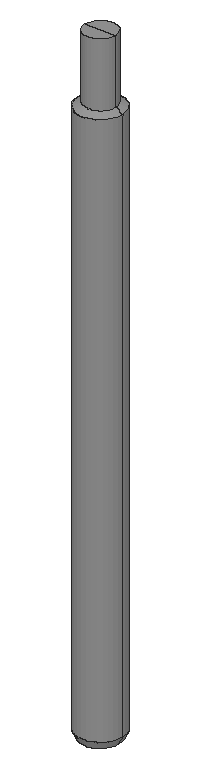
Revit family "Standard Spreizwerkzeug E-SW 10x30", category Generic Models, Revit 2017
Family settings
  Can host rebar = No
  Round Connector Dimension = Use Diameter
  Part Type = Normal
  Work Plane-Based = No
  Always vertical = Yes
  Cut with Voids When Loaded = No
  Shared = No
  Room Calculation Point = No
Parameters (values of type "E-SW 10x30")
  URL = "http://www.obo-bettermann.com"
  Material = Steel
  Manufacturer Art.No. = "3492029"
  Manufacturer = "OBO BETTERMANN"
  GTIN = "4012196179107"
  Article Type = "E-SW 10x30"
Reference planes
  plane 1 "Center (Front/Back)": y = 0
  plane 2: z = 0
  plane 3 "Center (Left/Right)": x = 0
  plane 4: x = 6
  plane 5: z = 148.025
  plane 6: z = 166.025
Forms (mm)
  Revolve 1, solid, material "Steel" <- "Material"
    sketch origin (0, 0, 0) x (1, 0, 0) y (0, 0, 1)
      loop
        line (0, 0) -> (0, -1.975) -> (5, -1.975) -> (6, 0) -> (0, 0)
      axis (0, 0) -> (0, -1.975)
    angle from 0 to 360
  Revolve 2, solid, material "Steel" <- "Material"
    sketch origin (0, 0, 0) x (1, 0, 0) y (0, 0, 1)
      loop
        line (0, 0) -> (6, 0) -> (6, 148.025) -> (0, 148.025) -> (0, 0)
      axis (0, 148.025) -> (0, 0)
    angle from 0 to 360
  Revolve 3, solid, material "Steel" <- "Material"
    sketch origin (0, 0, 0) x (1, 0, 0) y (0, 0, 1)
      loop
        line (0, 148.025) -> (6, 148.025) -> (4.008, 149.075) -> (0, 149.075) -> (0, 148.025)
      axis (0, 149.075) -> (0, 148.025)
    angle from 0 to 360
  Revolve 4, solid, material "Steel" <- "Material"
    sketch origin (0, 0, 0) x (1, 0, 0) y (0, 0, 1)
      loop
        line (0, 149.075) -> (4.008, 149.075) -> (4.008, 166.025) -> (0, 166.025) -> (0, 149.075)
      axis (0, 166.025) -> (0, 149.075)
    angle from 0 to 360
Dimensions and locks
  locked: Revolve 1 sketch curve to Revolve 1 sketch curve at 6
  locked: Revolve 1 sketch curve to Revolve 1 sketch curve at 1.975
  locked: plane 5 to Revolve 1 at 150
  locked: Revolve 2 sketch curve to Revolve 1 at 148.025
  locked: Revolve 2 sketch curve to Revolve 2 sketch curve at 6
  locked: Revolve 3 sketch curve to Revolve 2 at 1.05  (x2)
  locked: Revolve 3 sketch curve to Revolve 3 sketch curve at 6
  locked: plane 6 to Revolve 1 at 168
  locked: Revolve 3 to Revolve 1 at 151.05
  locked: Revolve 4 sketch curve to Revolve 3 at 16.95
  locked: Revolve 4 sketch curve to Revolve 4 sketch curve at 4.008
  aligned and locked: level to plane 2
  aligned and locked: Revolve 1 sketch curve to plane 3 "Center (Left/Right)"  (x2)
  aligned and locked: Revolve 2 sketch curve to plane 3 "Center (Left/Right)"
  aligned and locked: Revolve 3 sketch curve to plane 3 "Center (Left/Right)"
  aligned and locked: Revolve 4 sketch curve to plane 3 "Center (Left/Right)"
